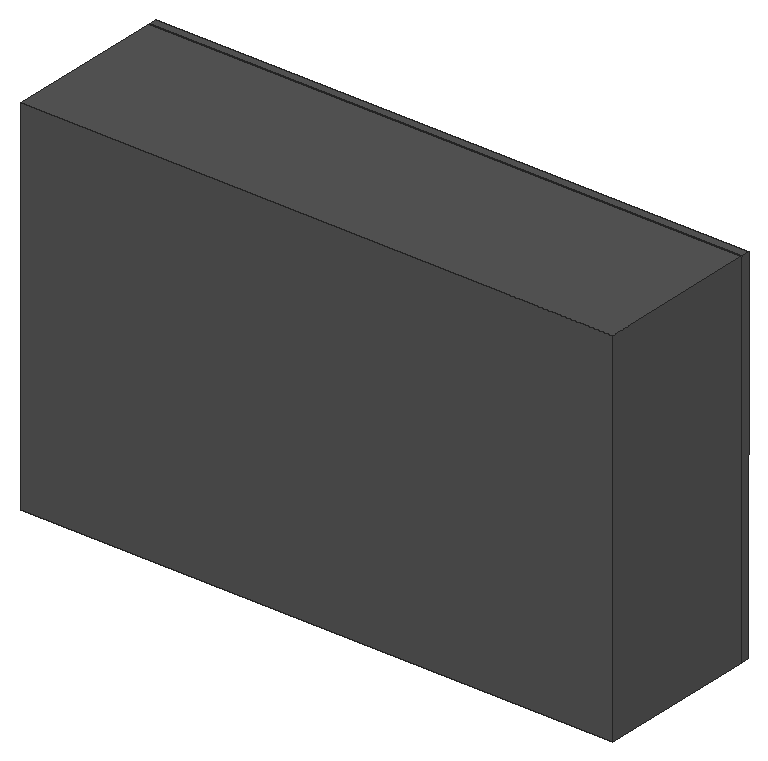
Revit family "ERA_LF_WR_LPR-041", category Осветительные приборы, Revit 2019
Family settings
  Размер круглого соединителя = Использовать диаметр
  Тип детали = Нормальный
  Номер OmniClass = 23.80.70.00
  Заголовок OmniClass = Lighting
  На основе рабочей плоскости = Нет
  Всегда вертикально = Да
  При загрузке вырезать с полостями = Нет
  Источник света = Да
  Общий = Нет
  Точка расчета площади = Да
Parameters (values of type "LPR-041-1-65K-010, LED, IP65, 122х75х35 мм (ДхШхВ), 10 Вт, 6500 К, 630 лм, класс защиты I, в комплекте (линейный ac/dc без гальваничесокй развязки)")
  built-in parameter 1150104 = 13.8 (stored number, unit not read)
  built-in parameter 1150134 = 3
  Файл фотометрической сетки = "LPR-041-1-65K-010.ies"
  Tilt Angle = 90.00°
  УГО_Смещение по оси Y [instance] = 1000.00 mm
  УГО_Смещение по оси X [instance] = 1000.00 mm
  built-in parameter 1150137 = (empty or 0)
  built-in parameter 1150132 = 2
  built-in parameter 1150114 = 1 (stored number, unit not read)
  Dimming Lamp Color Temperature Shift = (empty or 0)
  built-in parameter 1150105 = 486.97 (stored number, unit not read)
  Color Filter = 16777215
  Lumens = 630 lm
  built-in parameter 1150109 = 1 (stored number, unit not read)
  built-in parameter 1150112 = 1 (stored number, unit not read)
  built-in parameter 1150110 = 1 (stored number, unit not read)
  built-in parameter 1150113 = 1 (stored number, unit not read)
  built-in parameter 1150115 = 1 (stored number, unit not read)
  built-in parameter 1114218 = 1 (stored number, unit not read)
  built-in parameter 1114217 = 1 (stored number, unit not read)
  built-in parameter 1150106 = 4.8697 (stored number, unit not read)
  built-in parameter 1150142 = "IESNA:LM-63-1995\r\n[DATA] 28.01.2020\r\n[MANUFAC]??РА\r\n[LUMCAT] \r\n[LUMINAIRE] LPR-041-1-65K-010\r\n[LAMP] Светодиодный модуль\r\nTILT=NONE\r\n1 800 0.700 91 2 1 2 0.075 0.122 0.035\r\n1 1 9.714\r\n0 1 2 3 4 5 6 7 8 9 10 11 12 13 14 15 16 17 18 19 20 21 22 23 24 25 26 27 28 29 30 31 32 33 34 35 36 37 38 39 40 41 42 43 44 45 46 47 48 49 50 51 52 53 54 55 56 57 58 59 60 61 62 63 64 65 66 67 68 69 70 71 72 73 74 75 76 77 78 79 80 81 82 83 84 85 86 87 88 89 90 \r\n0 90 \r\n377.3 377.2 377.1 376.7 376.7 375.9 374.9 374.4 373 371.9 370.7 369.4 368.2 366.8 364.9 363.6 361.7 359.3 357.1 355.3 353.5 351.3 348.4 345.5 342.7 340.2 337.4 334.2 330.8 327.5 324 320.9 317.3 313.6 309.8 305.8 301.7 297.4 292.8 288.2 283.3 278.4 273.4 267.8 262.5 257 251.4 245.6 239.5 233.2 226.7 220.2 213.7 207.1 200.6 194 186.8 179.2 171.4 163.5 155.8 148 140.1 131.6 122.6 112.9 102.6 92.2 82.6 74 65.9 57.4 48.9 40.8 33.6 27.1 21 15.7 11.3 7.7 5.1 3.4 2.2 1.6 0 0 0 0 0 0 0\r\n377.3 377.2 377.1 376.7 376.7 375.9 374.9 374.4 373 371.9 370.7 369.4 368.2 366.8 364.9 363.6 361.7 359.3 357.1 355.3 353.5 351.3 348.4 345.5 342.7 340.2 337.4 334.2 330.8 327.5 324 320.9 317.3 313.6 309.8 305.8 301.7 297.4 292.8 288.2 283.3 278.4 273.4 267.8 262.5 257 251.4 245.6 239.5 233.2 226.7 220.2 213.7 207.1 200.6 194 186.8 179.2 171.4 163.5 155.8 148 140.1 131.6 122.6 112.9 102.6 92.2 82.6 74 65.9 57.4 48.9 40.8 33.6 27.1 21 15.7 11.3 7.7 5.1 3.4 2.2 1.6 0 0 0 0 0 0 0\r\n"
  built-in parameter 1150133 = 10 (stored number, unit not read)
  Wattage = 9.2903 W
  built-in parameter 1150139 = (empty or 0)
  built-in parameter 1150138 = (empty or 0)
  built-in parameter 1150107 = 6500 (stored number, unit not read)
  built-in parameter 1150102 = (empty or 0)
  Emit from Rectangle Width = _Корпус_Ширина  # 75.00 mm
  Emit from Rectangle Length = _Корпус_Длина  # 122.00 mm
  Emit Shape Visible in Rendering = no
  _УГО_Ширина = if(_Корпус_Ширина / УГО_Масштаб < 1.00 mm, 1.00 mm, _Корпус_Ширина / УГО_Масштаб)  # 1.00 mm
  УГО_Масштаб = 100
  _УГО_Длина = if(_Корпус_Длина / УГО_Масштаб < 1.00 mm, 1.00 mm, _Корпус_Длина / УГО_Масштаб)  # 1.22 mm
  _УГО_Диаметр = if(_Корпус_Длина / УГО_Масштаб < 1.00 mm, 1.00 mm, _Корпус_Длина / УГО_Масштаб)  # 1.22 mm
  УГО_Видимость [instance] = not(УГО_Реальный размер)  # yes
  УГО_Аварийный [instance] = no
  Тип установки = "Настенный"
  Степень защиты IP = "IP65"
  Разработчик модели = "https://www.teslabim.ru"
  _Корпус_Ширина = if(ADSK_Размер_Ширина < 1.00 mm, 1.00 mm, ADSK_Размер_Ширина)  # 75.00 mm
  _Корпус_Длина = if(ADSK_Размер_Длина < 1.00 mm, 1.00 mm, ADSK_Размер_Длина)  # 122.00 mm
  built-in parameter 1114216 [instance] = 1 (stored number, unit not read)
  Цвет = Чёрный
  УГО_Реальный размер [instance] = no
  Description = ""
  Lamp = ""
  Комплект = "Линейный AC/DC без гальваничесокй развязки"
  Класс пожароопасности = "Нет"
  Класс защиты = "I"
  Источник света = "LED"
  Manufacturer = ""
  Геометрия изделия = "Прямоугольный"
  _Корпус_Диаметр = if(ADSK_Размер_Диаметр < 1.00 mm, 1.00 mm, ADSK_Размер_Диаметр)  # 1.00 mm
  _Корпус_Высота = if(ADSK_Размер_Высота < 1.00 mm, 1.00 mm, ADSK_Размер_Высота)  # 35.00 mm
  URL = "https://www.eraworld.ru/catalog/2648988"
  ADSK_Размер_Ширина = 75.00 mm
  ADSK_Размер_Длина = 122.00 mm
  ADSK_Размер_Диаметр = 0.00 mm
  ADSK_Примечание = "Линейный AC/DC без гальваничесокй развязки"
  ADSK_Полная мощность = ADSK_Номинальная мощность / ADSK_Коэффициент мощности  # 11.1111 VA
  ADSK_Позиция = ""
  ADSK_Номинальная мощность = 10 W
  ADSK_Напряжение = 230 V
  ADSK_Наименование краткое = "Светильник"
  ADSK_Масса = 0.19
  ADSK_Марка = "LPR-041-1-65K-010"
  ADSK_Коэффициент мощности = 0.9
  ADSK_Количество фаз = 1
  ADSK_Код изделия = ""
  ADSK_Классификация нагрузок = Освещение
  ADSK_Размер_Высота = 35.00 mm
  ADSK_Обозначение = ADSK_Марка  # "LPR-041-1-65K-010"
  ADSK_Наименование = "Светильник, LED, прямоугольный, настенный, IP65, 122х75х35 мм (ДхШхВ), 10 Вт, 6500 К, 630 лм, класс защиты I, в комплекте (линейный ac/dc без гальваничесокй развязки)"
  ADSK_Завод-изготовитель = "ЭРА"
  ADSK_Единица измерения = "шт."
Types (7, lengths in mm): name | Файл фотометрической сетки | Lumens | built-in parameter 1150142 | Emit from Rectangle Width | Emit from Rectangle Length | _УГО_Ширина | _УГО_Длина | _УГО_Диаметр | _Корпус_Ширина | _Корпус_Длина | _Корпус_Высота | URL | ADSK_Размер_Ширина | ADSK_Размер_Длина | ADSK_Полная мощность | ADSK_Номинальная мощность | ADSK_Масса | ADSK_Марка | ADSK_Размер_Высота | ADSK_Обозначение | ADSK_Наименование
  LPR-041-1-65K-010, LED, IP65, 122х75х35 мм (ДхШхВ), 10 Вт, 6500 К, 630 лм, класс защиты I, в комплекте (линейный ac/dc без гальваничесокй развязки) | "LPR-041-1-65K-010.ies" | 630 lm | "IESNA:LM-63-1995\r\n[DATA] 28.01.2020\r\n[MANUFAC]??РА\r\n[LUMCAT] \r\n[LUMINAIRE] LPR-041-1-65K-010\r\n[LAMP] Светодиодный модуль\r\nTILT=NONE\r\n1 800 0.700 91 2 1 2 0.075 0.122 0.035\r\n1 1 9.714\r\n0 1 2 3 4 5 6 7 8 9 10 11 12 13 14 15 16 17 18 19 20 21 22 23 24 25 26 27 28 29 30 31 32 33 34 35 36 37 38 39 40 41 42 43 44 45 46 47 48 49 50 51 52 53 54 55 56 57 58 59 60 61 62 63 64 65 66 67 68 69 70 71 72 73 74 75 76 77 78 79 80 81 82 83 84 85 86 87 88 89 90 \r\n0 90 \r\n377.3 377.2 377.1 376.7 376.7 375.9 374.9 374.4 373 371.9 370.7 369.4 368.2 366.8 364.9 363.6 361.7 359.3 357.1 355.3 353.5 351.3 348.4 345.5 342.7 340.2 337.4 334.2 330.8 327.5 324 320.9 317.3 313.6 309.8 305.8 301.7 297.4 292.8 288.2 283.3 278.4 273.4 267.8 262.5 257 251.4 245.6 239.5 233.2 226.7 220.2 213.7 207.1 200.6 194 186.8 179.2 171.4 163.5 155.8 148 140.1 131.6 122.6 112.9 102.6 92.2 82.6 74 65.9 57.4 48.9 40.8 33.6 27.1 21 15.7 11.3 7.7 5.1 3.4 2.2 1.6 0 0 0 0 0 0 0\r\n377.3 377.2 377.1 376.7 376.7 375.9 374.9 374.4 373 371.9 370.7 369.4 368.2 366.8 364.9 363.6 361.7 359.3 357.1 355.3 353.5 351.3 348.4 345.5 342.7 340.2 337.4 334.2 330.8 327.5 324 320.9 317.3 313.6 309.8 305.8 301.7 297.4 292.8 288.2 283.3 278.4 273.4 267.8 262.5 257 251.4 245.6 239.5 233.2 226.7 220.2 213.7 207.1 200.6 194 186.8 179.2 171.4 163.5 155.8 148 140.1 131.6 122.6 112.9 102.6 92.2 82.6 74 65.9 57.4 48.9 40.8 33.6 27.1 21 15.7 11.3 7.7 5.1 3.4 2.2 1.6 0 0 0 0 0 0 0\r\n" | 75.00 | 122.00 | 1.00 | 1.22 | 1.22 | 75.00 | 122.00 | 35.00 | "https://www.eraworld.ru/catalog/2648988" | 75.00 | 122.00 | 11.1111 VA | 10 W | 0.19 | "LPR-041-1-65K-010" | 35.00 | "LPR-041-1-65K-010" | "Светильник, LED, прямоугольный, настенный, IP65, 122х75х35 мм (ДхШхВ), 10 Вт, 6500 К, 630 лм, класс защиты I, в комплекте (линейный ac/dc без гальваничесокй развязки)"
  LPR-041-1-65K-020, LED, IP65, 122х75х35 мм (ДхШхВ), 20 Вт, 6500 К, 1200 лм, класс защиты I, в комплекте (линейный ac/dc без гальваничесокй развязки) | "LPR-041-1-65K-020.ies" | 1200 lm | "IESNA:LM-63-1995\r\n[DATA] 28.01.2020\r\n[MANUFAC]??РА\r\n[LUMCAT] \r\n[LUMINAIRE]  LPR-041-1-65K-020  \r\n[LAMP] Светодиодный модуль\r\nTILT=NONE\r\n1 1600 1.401 91 2 1 2 0.075 0.122 0.053\r\n1 1 19.713\r\n0 1 2 3 4 5 6 7 8 9 10 11 12 13 14 15 16 17 18 19 20 21 22 23 24 25 26 27 28 29 30 31 32 33 34 35 36 37 38 39 40 41 42 43 44 45 46 47 48 49 50 51 52 53 54 55 56 57 58 59 60 61 62 63 64 65 66 67 68 69 70 71 72 73 74 75 76 77 78 79 80 81 82 83 84 85 86 87 88 89 90 \r\n0 90 \r\n377.3 377.2 377.1 376.7 376.7 375.9 374.9 374.4 373 371.9 370.7 369.4 368.2 366.8 364.9 363.6 361.7 359.3 357.1 355.3 353.5 351.3 348.4 345.5 342.7 340.2 337.4 334.2 330.8 327.5 324 320.9 317.3 313.6 309.8 305.8 301.7 297.4 292.8 288.2 283.3 278.4 273.4 267.8 262.5 257 251.4 245.6 239.5 233.2 226.7 220.2 213.7 207.1 200.6 194 186.8 179.2 171.4 163.5 155.8 148 140.1 131.6 122.6 112.9 102.6 92.2 82.6 74 65.9 57.4 48.9 40.8 33.6 27.1 21 15.7 11.3 7.7 5.1 3.4 2.2 1.6 0 0 0 0 0 0 0\r\n377.3 377.2 377.1 376.7 376.7 375.9 374.9 374.4 373 371.9 370.7 369.4 368.2 366.8 364.9 363.6 361.7 359.3 357.1 355.3 353.5 351.3 348.4 345.5 342.7 340.2 337.4 334.2 330.8 327.5 324 320.9 317.3 313.6 309.8 305.8 301.7 297.4 292.8 288.2 283.3 278.4 273.4 267.8 262.5 257 251.4 245.6 239.5 233.2 226.7 220.2 213.7 207.1 200.6 194 186.8 179.2 171.4 163.5 155.8 148 140.1 131.6 122.6 112.9 102.6 92.2 82.6 74 65.9 57.4 48.9 40.8 33.6 27.1 21 15.7 11.3 7.7 5.1 3.4 2.2 1.6 0 0 0 0 0 0 0\r\n" | 75.00 | 122.00 | 1.00 | 1.22 | 1.22 | 75.00 | 122.00 | 35.00 | "https://www.eraworld.ru/catalog/2648989" | 75.00 | 122.00 | 22.2222 VA | 20 W | 0.21 | "LPR-041-1-65K-020" | 35.00 | "LPR-041-1-65K-020" | "Светильник, LED, прямоугольный, настенный, IP65, 122х75х35 мм (ДхШхВ), 20 Вт, 6500 К, 1200 лм, класс защиты I, в комплекте (линейный ac/dc без гальваничесокй развязки)"
  LPR-041-1-65K-030, LED, IP65, 139х104х35 мм (ДхШхВ), 30 Вт, 6500 К, 2300 лм, класс защиты I, в комплекте (линейный ac/dc без гальваничесокй развязки) | "LPR-041-1-65K-030.ies" | 2300 lm | "IESNA:LM-63-1995\r\n[DATA] 28.01.2020\r\n[MANUFAC]??РА\r\n[LUMCAT] \r\n[LUMINAIRE] LPR-041-1-65K-030 \r\n[LAMP] Светодиодный модуль\r\nTILT=NONE\r\n1 2400 2.099  91 2 1 2 0.104 0.139 0.035\r\n1 1 29.711\r\n0 1 2 3 4 5 6 7 8 9 10 11 12 13 14 15 16 17 18 19 20 21 22 23 24 25 26 27 28 29 30 31 32 33 34 35 36 37 38 39 40 41 42 43 44 45 46 47 48 49 50 51 52 53 54 55 56 57 58 59 60 61 62 63 64 65 66 67 68 69 70 71 72 73 74 75 76 77 78 79 80 81 82 83 84 85 86 87 88 89 90 \r\n0 90 \r\n377.3 377.2 377.1 376.7 376.7 375.9 374.9 374.4 373 371.9 370.7 369.4 368.2 366.8 364.9 363.6 361.7 359.3 357.1 355.3 353.5 351.3 348.4 345.5 342.7 340.2 337.4 334.2 330.8 327.5 324 320.9 317.3 313.6 309.8 305.8 301.7 297.4 292.8 288.2 283.3 278.4 273.4 267.8 262.5 257 251.4 245.6 239.5 233.2 226.7 220.2 213.7 207.1 200.6 194 186.8 179.2 171.4 163.5 155.8 148 140.1 131.6 122.6 112.9 102.6 92.2 82.6 74 65.9 57.4 48.9 40.8 33.6 27.1 21 15.7 11.3 7.7 5.1 3.4 2.2 1.6 0 0 0 0 0 0 0\r\n377.3 377.2 377.1 376.7 376.7 375.9 374.9 374.4 373 371.9 370.7 369.4 368.2 366.8 364.9 363.6 361.7 359.3 357.1 355.3 353.5 351.3 348.4 345.5 342.7 340.2 337.4 334.2 330.8 327.5 324 320.9 317.3 313.6 309.8 305.8 301.7 297.4 292.8 288.2 283.3 278.4 273.4 267.8 262.5 257 251.4 245.6 239.5 233.2 226.7 220.2 213.7 207.1 200.6 194 186.8 179.2 171.4 163.5 155.8 148 140.1 131.6 122.6 112.9 102.6 92.2 82.6 74 65.9 57.4 48.9 40.8 33.6 27.1 21 15.7 11.3 7.7 5.1 3.4 2.2 1.6 0 0 0 0 0 0 0\r\n" | 104.00 | 139.00 | 1.04 | 1.39 | 1.39 | 104.00 | 139.00 | 35.00 | "https://www.eraworld.ru/catalog/2648990" | 104.00 | 139.00 | 33.3333 VA | 30 W | 0.281 | "LPR-041-1-65K-030" | 35.00 | "LPR-041-1-65K-030" | "Светильник, LED, прямоугольный, настенный, IP65, 139х104х35 мм (ДхШхВ), 30 Вт, 6500 К, 2300 лм, класс защиты I, в комплекте (линейный ac/dc без гальваничесокй развязки)"
  LPR-041-1-65K-050, LED, IP65, 183х131х35 мм (ДхШхВ), 50 Вт, 6500 К, 3400 лм, класс защиты I, в комплекте (линейный ac/dc без гальваничесокй развязки) | "LPR-041-1-65K-050.ies" | 3400 lm | "IESNA:LM-63-1995\r\n[DATA] 28.01.2020\r\n[MANUFAC]  ЭРА\r\n[LUMCAT] \r\n[LUMINAIRE] LPR-041-1-65K-050 \r\n[LAMP] Светодиодный модуль\r\nTILT=NONE\r\n1 4000 3.47 91 2 1 2 0.131 0.183 0.036\r\n1 1 47.914\r\n0 1 2 3 4 5 6 7 8 9 10 11 12 13 14 15 16 17 18 19 20 21 22 23 24 25 26 27 28 29 30 31 32 33 34 35 36 37 38 39 40 41 42 43 44 45 46 47 48 49 50 51 52 53 54 55 56 57 58 59 60 61 62 63 64 65 66 67 68 69 70 71 72 73 74 75 76 77 78 79 80 81 82 83 84 85 86 87 88 89 90 \r\n0 90 \r\n377.3 377.2 377.1 376.7 376.7 375.9 374.9 374.4 373 371.9 370.7 369.4 368.2 366.8 364.9 363.6 361.7 359.3 357.1 355.3 353.5 351.3 348.4 345.5 342.7 340.2 337.4 334.2 330.8 327.5 324 320.9 317.3 313.6 309.8 305.8 301.7 297.4 292.8 288.2 283.3 278.4 273.4 267.8 262.5 257 251.4 245.6 239.5 233.2 226.7 220.2 213.7 207.1 200.6 194 186.8 179.2 171.4 163.5 155.8 148 140.1 131.6 122.6 112.9 102.6 92.2 82.6 74 65.9 57.4 48.9 40.8 33.6 27.1 21 15.7 11.3 7.7 5.1 3.4 2.2 1.6 0 0 0 0 0 0 0\r\n377.3 377.2 377.1 376.7 376.7 375.9 374.9 374.4 373 371.9 370.7 369.4 368.2 366.8 364.9 363.6 361.7 359.3 357.1 355.3 353.5 351.3 348.4 345.5 342.7 340.2 337.4 334.2 330.8 327.5 324 320.9 317.3 313.6 309.8 305.8 301.7 297.4 292.8 288.2 283.3 278.4 273.4 267.8 262.5 257 251.4 245.6 239.5 233.2 226.7 220.2 213.7 207.1 200.6 194 186.8 179.2 171.4 163.5 155.8 148 140.1 131.6 122.6 112.9 102.6 92.2 82.6 74 65.9 57.4 48.9 40.8 33.6 27.1 21 15.7 11.3 7.7 5.1 3.4 2.2 1.6 0 0 0 0 0 0 0\r\n" | 131.00 | 183.00 | 1.31 | 1.83 | 1.83 | 131.00 | 183.00 | 35.00 | "https://www.eraworld.ru/catalog/2648991" | 131.00 | 183.00 | 55.5556 VA | 50 W | 0.45 | "LPR-041-1-65K-050" | 35.00 | "LPR-041-1-65K-050" | "Светильник, LED, прямоугольный, настенный, IP65, 183х131х35 мм (ДхШхВ), 50 Вт, 6500 К, 3400 лм, класс защиты I, в комплекте (линейный ac/dc без гальваничесокй развязки)"
  LPR-041-2-65K-020, LED, IP65, 130х100х45 мм (ДхШхВ), 20 Вт, 6500 К, 1200 лм, класс защиты I, в комплекте (линейный ac/dc без гальваничесокй развязки) | "LPR-041-2-65K-020.ies" | 1200 lm | "IESNA:LM-63-1995\r\n[DATA] 28.01.2020\r\n[MANUFAC]??РА\r\n[LUMCAT] \r\n[LUMINAIRE]  LPR-041-2-65K-020\r\n[LAMP] Светодиодный модуль\r\nTILT=NONE\r\n1 1800 1.601 91 2 1 2 0.100 0.130 0.045\r\n1 1 19.713\r\n0 1 2 3 4 5 6 7 8 9 10 11 12 13 14 15 16 17 18 19 20 21 22 23 24 25 26 27 28 29 30 31 32 33 34 35 36 37 38 39 40 41 42 43 44 45 46 47 48 49 50 51 52 53 54 55 56 57 58 59 60 61 62 63 64 65 66 67 68 69 70 71 72 73 74 75 76 77 78 79 80 81 82 83 84 85 86 87 88 89 90 \r\n0 90 \r\n377.3 377.2 377.1 376.7 376.7 375.9 374.9 374.4 373 371.9 370.7 369.4 368.2 366.8 364.9 363.6 361.7 359.3 357.1 355.3 353.5 351.3 348.4 345.5 342.7 340.2 337.4 334.2 330.8 327.5 324 320.9 317.3 313.6 309.8 305.8 301.7 297.4 292.8 288.2 283.3 278.4 273.4 267.8 262.5 257 251.4 245.6 239.5 233.2 226.7 220.2 213.7 207.1 200.6 194 186.8 179.2 171.4 163.5 155.8 148 140.1 131.6 122.6 112.9 102.6 92.2 82.6 74 65.9 57.4 48.9 40.8 33.6 27.1 21 15.7 11.3 7.7 5.1 3.4 2.2 1.6 0 0 0 0 0 0 0\r\n377.3 377.2 377.1 376.7 376.7 375.9 374.9 374.4 373 371.9 370.7 369.4 368.2 366.8 364.9 363.6 361.7 359.3 357.1 355.3 353.5 351.3 348.4 345.5 342.7 340.2 337.4 334.2 330.8 327.5 324 320.9 317.3 313.6 309.8 305.8 301.7 297.4 292.8 288.2 283.3 278.4 273.4 267.8 262.5 257 251.4 245.6 239.5 233.2 226.7 220.2 213.7 207.1 200.6 194 186.8 179.2 171.4 163.5 155.8 148 140.1 131.6 122.6 112.9 102.6 92.2 82.6 74 65.9 57.4 48.9 40.8 33.6 27.1 21 15.7 11.3 7.7 5.1 3.4 2.2 1.6 0 0 0 0 0 0 0\r\n" | 100.00 | 130.00 | 1.00 | 1.30 | 1.30 | 100.00 | 130.00 | 45.00 | "https://www.eraworld.ru/catalog/2648992" | 100.00 | 130.00 | 22.2222 VA | 20 W | 0.24 | "LPR-041-2-65K-020" | 45.00 | "LPR-041-2-65K-020" | "Светильник, LED, прямоугольный, настенный, IP65, 130х100х45 мм (ДхШхВ), 20 Вт, 6500 К, 1200 лм, класс защиты I, в комплекте (линейный ac/dc без гальваничесокй развязки)"
  LPR-041-2-65K-030, LED, IP65, 148х135х45 мм (ДхШхВ), 30 Вт, 6500 К, 2300 лм, класс защиты I, в комплекте (линейный ac/dc без гальваничесокй развязки) | "LPR-041-2-65K-030.ies" | 2300 lm | "IESNA:LM-63-1995\r\n[DATA] 28.01.2020\r\n[MANUFAC]??РА\r\n[LUMCAT] \r\n[LUMINAIRE] LPR-041-2-65K-030 \r\n[LAMP] Светодиодный модуль\r\nTILT=NONE\r\n1 2800 2.399  91 2 1 2 0.135 0.148 0.045\r\n1 1 29.711\r\n0 1 2 3 4 5 6 7 8 9 10 11 12 13 14 15 16 17 18 19 20 21 22 23 24 25 26 27 28 29 30 31 32 33 34 35 36 37 38 39 40 41 42 43 44 45 46 47 48 49 50 51 52 53 54 55 56 57 58 59 60 61 62 63 64 65 66 67 68 69 70 71 72 73 74 75 76 77 78 79 80 81 82 83 84 85 86 87 88 89 90 \r\n0 90 \r\n377.3 377.2 377.1 376.7 376.7 375.9 374.9 374.4 373 371.9 370.7 369.4 368.2 366.8 364.9 363.6 361.7 359.3 357.1 355.3 353.5 351.3 348.4 345.5 342.7 340.2 337.4 334.2 330.8 327.5 324 320.9 317.3 313.6 309.8 305.8 301.7 297.4 292.8 288.2 283.3 278.4 273.4 267.8 262.5 257 251.4 245.6 239.5 233.2 226.7 220.2 213.7 207.1 200.6 194 186.8 179.2 171.4 163.5 155.8 148 140.1 131.6 122.6 112.9 102.6 92.2 82.6 74 65.9 57.4 48.9 40.8 33.6 27.1 21 15.7 11.3 7.7 5.1 3.4 2.2 1.6 0 0 0 0 0 0 0\r\n377.3 377.2 377.1 376.7 376.7 375.9 374.9 374.4 373 371.9 370.7 369.4 368.2 366.8 364.9 363.6 361.7 359.3 357.1 355.3 353.5 351.3 348.4 345.5 342.7 340.2 337.4 334.2 330.8 327.5 324 320.9 317.3 313.6 309.8 305.8 301.7 297.4 292.8 288.2 283.3 278.4 273.4 267.8 262.5 257 251.4 245.6 239.5 233.2 226.7 220.2 213.7 207.1 200.6 194 186.8 179.2 171.4 163.5 155.8 148 140.1 131.6 122.6 112.9 102.6 92.2 82.6 74 65.9 57.4 48.9 40.8 33.6 27.1 21 15.7 11.3 7.7 5.1 3.4 2.2 1.6 0 0 0 0 0 0 0\r\n" | 135.00 | 148.00 | 1.35 | 1.48 | 1.48 | 135.00 | 148.00 | 45.00 | "https://www.eraworld.ru/catalog/2648993" | 135.00 | 148.00 | 33.3333 VA | 30 W | 0.32 | "LPR-041-2-65K-030" | 45.00 | "LPR-041-2-65K-030" | "Светильник, LED, прямоугольный, настенный, IP65, 148х135х45 мм (ДхШхВ), 30 Вт, 6500 К, 2300 лм, класс защиты I, в комплекте (линейный ac/dc без гальваничесокй развязки)"
  LPR-041-2-65K-050, LED, IP65, 183х131х36 мм (ДхШхВ), 50 Вт, 6500 К, 3400 лм, класс защиты I, в комплекте (линейный ac/dc без гальваничесокй развязки) | "LPR-041-2-65K-050.ies" | 3400 lm | "IESNA:LM-63-1995\r\n[DATA] 28.01.2020\r\n[MANUFAC]  ЭРА\r\n[LUMCAT] \r\n[LUMINAIRE] LPR-041-2-65K-050\r\n[LAMP] Светодиодный модуль\r\nTILT=NONE\r\n1 4700 3.988 91 2 1 2 0.160 0.184 0.045\r\n1 1 47.914\r\n0 1 2 3 4 5 6 7 8 9 10 11 12 13 14 15 16 17 18 19 20 21 22 23 24 25 26 27 28 29 30 31 32 33 34 35 36 37 38 39 40 41 42 43 44 45 46 47 48 49 50 51 52 53 54 55 56 57 58 59 60 61 62 63 64 65 66 67 68 69 70 71 72 73 74 75 76 77 78 79 80 81 82 83 84 85 86 87 88 89 90 \r\n0 90 \r\n377.3 377.2 377.1 376.7 376.7 375.9 374.9 374.4 373 371.9 370.7 369.4 368.2 366.8 364.9 363.6 361.7 359.3 357.1 355.3 353.5 351.3 348.4 345.5 342.7 340.2 337.4 334.2 330.8 327.5 324 320.9 317.3 313.6 309.8 305.8 301.7 297.4 292.8 288.2 283.3 278.4 273.4 267.8 262.5 257 251.4 245.6 239.5 233.2 226.7 220.2 213.7 207.1 200.6 194 186.8 179.2 171.4 163.5 155.8 148 140.1 131.6 122.6 112.9 102.6 92.2 82.6 74 65.9 57.4 48.9 40.8 33.6 27.1 21 15.7 11.3 7.7 5.1 3.4 2.2 1.6 0 0 0 0 0 0 0\r\n377.3 377.2 377.1 376.7 376.7 375.9 374.9 374.4 373 371.9 370.7 369.4 368.2 366.8 364.9 363.6 361.7 359.3 357.1 355.3 353.5 351.3 348.4 345.5 342.7 340.2 337.4 334.2 330.8 327.5 324 320.9 317.3 313.6 309.8 305.8 301.7 297.4 292.8 288.2 283.3 278.4 273.4 267.8 262.5 257 251.4 245.6 239.5 233.2 226.7 220.2 213.7 207.1 200.6 194 186.8 179.2 171.4 163.5 155.8 148 140.1 131.6 122.6 112.9 102.6 92.2 82.6 74 65.9 57.4 48.9 40.8 33.6 27.1 21 15.7 11.3 7.7 5.1 3.4 2.2 1.6 0 0 0 0 0 0 0\r\n" | 131.00 | 183.00 | 1.31 | 1.83 | 1.83 | 131.00 | 183.00 | 36.00 | "https://www.eraworld.ru/catalog/2648994" | 131.00 | 183.00 | 55.5556 VA | 50 W | 0.443 | "LPR-041-2-65K-050" | 36.00 | "LPR-041-2-65K-050" | "Светильник, LED, прямоугольный, настенный, IP65, 183х131х36 мм (ДхШхВ), 50 Вт, 6500 К, 3400 лм, класс защиты I, в комплекте (линейный ac/dc без гальваничесокй развязки)"
Reference planes
  plane 1 "По центру (Вперед/Назад)": y = 0
  plane 2: z = 0
  plane 3 "По центру (Влево/Вправо)": x = 0
  plane 4 "X": x = 1000
  plane 5 "Y": y = -900
  plane 6 "ИС": y = 35
Lines and regions (mm)
  reference lines
    curve 1: line (50, 100, 0) -> (150, 100, 0)
    curve 2: line (0, -50, 0) -> (0, 50, 0)
  reference lines, not visible
    curve 3: line (651.535, -544.594, 0) -> (751.535, -544.594, 0)
    curve 4: line (601.535, -694.594, 0) -> (601.535, -594.594, 0)
Dimensions and locks
  "УГО_Смещение по оси X": curve 2 to plane 4 "X"
  "УГО_Смещение по оси Y": plane 5 "Y" to curve 1
  "_Корпус_Высота": plane 6 "ИС" to plane 1 "По центру (Вперед/Назад)"
  "_Корпус_Высота": plane 1 "По центру (Вперед/Назад)" to plane 6 "ИС"
  aligned and locked: level to plane 2
  aligned and locked: nested 1 to plane 3 "По центру (Влево/Вправо)"
  aligned and locked: nested 1 to plane 2
  aligned and locked: plane 2 to imposter light
  aligned and locked: imposter light to plane 6 "ИС"
  aligned and locked: nested 2 to curve 1
  aligned and locked: curve 2 to nested 2
Nested families
  nested 1: "GM_ОП_Пр_Корпус" at (0, 0, 0) x (0, 0, -1) z (0, 1, 0), type "GM_ОП_Пр_Корпус"
    with Рассеиватель_Высота 1.75 mm, Корпус_Ширина 75.00 mm, Корпус_Длина 122.00 mm, Корпус_Высота 35.00 mm, Кант_Ширина 3.75 mm
  nested 2: "GA_УГО_ОП_н_Пр" at (0, 100, 0), visible <- "УГО_Видимость", type "GA_УГО_ОП_н_Пр", detail levels coarse+medium
    with Длина 1.22 mm, Аварийный no
Connectors
  electrical at (0, 0, 0), driven by "ADSK_Коэффициент мощности", driven by "ADSK_Количество фаз", driven by "ADSK_Классификация нагрузок", driven by "ADSK_Напряжение", driven by "ADSK_Полная мощность"
    settings: index 1, voltage 230 V, apparent load 11.1111 VA, apparent load phase1 0 VA, apparent load phase2 0 VA, apparent load phase3 0 VA, power factor 0.9, load classification "Освещение", number of poles 1, system type 30, power factor state 1, is connector primary yes, connector utility no, sub classification motor no, connector description ""
Definition of nested family "GM_ОП_Пр_Корпус"
  Parameters (values of type "GM_ОП_Пр_Корпус")
    Рассеиватель_Высота = Корпус_Высота * 0.05  # 1.25 mm
    Корпус_Ширина = 42.00 mm
    Цвет = none
    Реальный размер = no
    Default Elevation = 0.00 mm
    Корпус_Длина = 260.00 mm
    Корпус_Высота = 25.00 mm
    Кант_Ширина = Корпус_Ширина * 0.05  # 2.10 mm
  Reference planes
    plane 1 "По центру (Вперед/Назад)": y = 0
    plane 2: z = 0
    plane 3 "По центру (Влево/Вправо)": x = 0
    plane 4 "Ш1": x = 21
    plane 5 "Ш2": x = -21
    plane 6 "Д1": y = 130
    plane 7 "Д2": y = -130
    plane 8 "В": z = 25
    plane 9 "Р": z = 23.75
  Forms (mm)
    Extrusion 1, solid, material <- "Цвет", detail levels fine
      sketch origin (0, 0, 0) x (1, 0, 0) y (0, 1, 0)
        loop
          line (21, -130) -> (21, 130) -> (-21, 130) -> (-21, -130) -> (21, -130)
      from 0 to 23.75
    Extrusion 2, solid, visible <- "Реальный размер", detail levels coarse+medium
      sketch origin (0, 0, 0) x (1, 0, 0) y (0, 1, 0)
        loop
          line (-21, 130) -> (-21, -130) -> (21, -130) -> (21, 130) -> (-21, 130)
      from 0 to 25 <- "Корпус_Высота"
  Dimensions and locks
    equal spacing: plane 5 "Ш2", plane 3 "По центру (Влево/Вправо)", plane 4 "Ш1"
    "Корпус_Ширина": plane 5 "Ш2" to plane 4 "Ш1"
    equal spacing: plane 6 "Д1", plane 1 "По центру (Вперед/Назад)", plane 7 "Д2"
    "Корпус_Длина": plane 6 "Д1" to plane 7 "Д2"
    "Корпус_Высота": plane 2 to plane 8 "В"
    "Рассеиватель_Высота": plane 9 "Р" to plane 8 "В"
    aligned and locked: level to plane 2
    aligned and locked: Extrusion 1 to plane 5 "Ш2"
    aligned and locked: Extrusion 1 to plane 4 "Ш1"
    aligned and locked: Extrusion 1 to plane 6 "Д1"
    aligned and locked: plane 7 "Д2" to Extrusion 1
    aligned and locked: plane 6 "Д1" to Extrusion 2 sketch curve
    aligned and locked: Extrusion 2 sketch curve to plane 7 "Д2"
    aligned and locked: Extrusion 2 sketch curve to plane 5 "Ш2"
    aligned and locked: plane 4 "Ш1" to Extrusion 2 sketch curve
    aligned and locked: Extrusion 1 to plane 2
    aligned and locked: Extrusion 2 to plane 2
    aligned and locked: nested 1 to plane 8 "В"
    aligned and locked: plane 3 "По центру (Влево/Вправо)" to nested 1
    aligned and locked: plane 1 "По центру (Вперед/Назад)" to nested 1
    aligned and locked: Extrusion 1 to plane 9 "Р"
  Automatic sketch dimensions
    Extrusion 1 sketch curve to plane 5 "Ш2" = 0.00 mm
    Extrusion 1 sketch curve to plane 4 "Ш1" = 0.00 mm
    plane 7 "Д2" to Extrusion 1 sketch curve = 0.00 mm
    plane 6 "Д1" to Extrusion 1 sketch curve = 0.00 mm
  Nested families
    nested 1: "GM_ОП_Пр_Рассеиватель" at (0, 0, 23.75), type "GM_ОП_Пр_Рассеиватель"
      with Корпус_Ширина 42.00 mm, Корпус_Длина 260.00 mm, Корпус_Высота 1.25 mm
  Definition of nested family "GM_ОП_Пр_Рассеиватель"
    Parameters (values of type "GM_ОП_Пр_Рассеиватель")
      Корпус_Ширина = 80.00 mm
      Цвет = none
      Default Elevation = 1000.00 mm
      Корпус_Длина = 100.00 mm
      Корпус_Высота = 1.30 mm
      Кант_Ширина = 5.00 mm
    Reference planes
      plane 1 "По центру (Вперед/Назад)": y = 0
      plane 2: z = 0
      plane 3 "По центру (Влево/Вправо)": x = 0
      plane 4 "Ш1": x = 40
      plane 5 "Ш2": x = -40
      plane 6 "Д1": y = 50
      plane 7 "Д2": y = -50
    Forms (mm)
      Extrusion 1, solid, material <- "Цвет", detail levels fine
        sketch origin (0, 0, 0) x (1, 0, 0) y (0, 1, 0)
          loop
            line (40, -50) -> (40, 50) -> (-40, 50) -> (-40, -50) -> (40, -50)
          loop
            line (-35, 45) -> (-35, -45) -> (35, -45) -> (35, 45) -> (-35, 45)
        from 0 to 1.3 <- "Корпус_Высота"
      Extrusion 2, solid, detail levels fine
        sketch origin (20, -32.684, 0) x (1, 0, 0) y (0, 1, 0)
          loop
            line (-55, 77.684) -> (-55, -12.316) -> (15, -12.316) -> (15, 77.684) -> (-55, 77.684)
        from 0 to 1.3 <- "Корпус_Высота"
    Dimensions and locks
      equal spacing: plane 5 "Ш2", plane 3 "По центру (Влево/Вправо)", plane 4 "Ш1"
      "Корпус_Ширина": plane 5 "Ш2" to plane 4 "Ш1"
      equal spacing: plane 6 "Д1", plane 1 "По центру (Вперед/Назад)", plane 7 "Д2"
      "Корпус_Длина": plane 6 "Д1" to plane 7 "Д2"
      "Кант_Ширина": plane 5 "Ш2" to Extrusion 2 sketch curve
      "Кант_Ширина": Extrusion 2 sketch curve to plane 4 "Ш1"
      "Кант_Ширина": plane 6 "Д1" to Extrusion 2 sketch curve
      "Кант_Ширина": plane 7 "Д2" to Extrusion 2 sketch curve
      aligned and locked: level to plane 2
      aligned and locked: plane 5 "Ш2" to Extrusion 1
      aligned and locked: Extrusion 1 to plane 4 "Ш1"
      aligned and locked: Extrusion 1 to plane 6 "Д1"
      aligned and locked: plane 7 "Д2" to Extrusion 1
      aligned and locked: Extrusion 1 to plane 2
      aligned and locked: Extrusion 1 sketch curve to Extrusion 2  (x4)
    Automatic sketch dimensions
      Extrusion 1 sketch curve to plane 5 "Ш2" = 0.00 mm
      Extrusion 1 sketch curve to plane 4 "Ш1" = 0.00 mm
      plane 7 "Д2" to Extrusion 1 sketch curve = 0.00 mm
      plane 6 "Д1" to Extrusion 1 sketch curve = 0.00 mm
Definition of nested family "GA_УГО_ОП_н_Пр"
  Parameters (values of type "GA_УГО_ОП_н_Пр")
    Ширина = 1.00 mm
    Длина = 1.00 mm
    Аварийный = yes
  Reference planes
    plane 1: y = 0
    plane 2: x = 0
  Lines and regions (mm)
    Masking region 1
      outline origin (-3.791, 0.433, 0) x (1, 0, 0) y (0, 1, 0)
        loop
          line (3.291, 0.567) -> (3.291, -0.433) -> (4.291, -0.433) -> (4.291, 0.567) -> (3.291, 0.567)
    reference lines
      curve 1: line (0.5, 2, 0) -> (0.5, 1, 0)
      curve 2: line (0.5, 1, 0) -> (1.5, 1, 0)
    reference lines, not visible
      curve 3: line (1.88, 1.985, 0) -> (1.88, 0.985, 0)
      curve 4: line (1.88, 0.985, 0) -> (2.88, 0.985, 0)
  Text (mm)
    text "А" at (0.659, 3.406, 0), visible <- "Аварийный"
    text "А" at (2.039, 3.391, 0), visible <- "Аварийный", not visible
  Dimensions and locks
    equal spacing: Masking region 1, plane 2, Masking region 1
    "Длина": Masking region 1 to Masking region 1
    "Ширина": plane 1 to Masking region 1
    aligned and locked: Masking region 1 sketch curve to plane 1
    aligned and locked: Masking region 1 to curve 2
    aligned and locked: curve 1 to Masking region 1
  Automatic sketch dimensions
    Masking region 1 sketch curve to plane 2 = 0.50 mm
    plane 2 to Masking region 1 sketch curve = 0.50 mm
    Masking region 1 sketch curve to plane 1 = 1.00 mm
